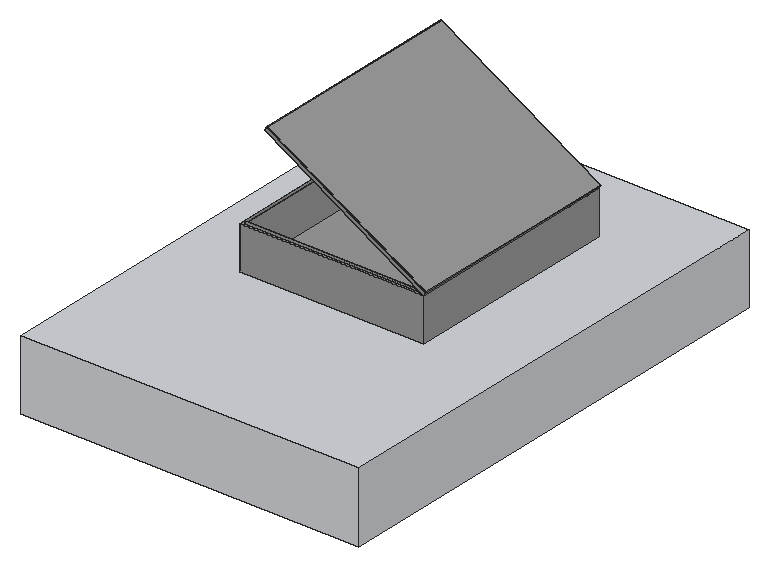
Revit family "Hager-Univers-IP44-D205-H950-Cl.II-Encl-ES-es", category Equipement électrique, Revit 2020
Family settings
  Hôte = Face
  Configuration du panneau = Deux colonnes, circuits au sein
  Cote de connecteur circulaire = Utiliser le diamètre
  Type d'élément = Tableau de raccordement
  Couper avec des vides une fois chargée = Non
  Partagée = Non
  Point de calcul de pièce = Non
Parameters (values of type "Montado superficial (escayola) IP44 A800 A950 P205  - FP63SN2")
  Width Control [instance] = if([EF000008 - Anchura] > Min Width, [EF000008 - Anchura], Min Width)  # 800 mm
  Commentaires du type = [HG000003 - Gama]  # "Univers"
  Thickness Door [instance] = if([EF009171 - Espesor puerta/tapa] > 3 mm, 3 mm, [EF009171 - Espesor puerta/tapa])  # 1 mm
  Seal Frame Offset [instance] = 17 mm  # constant formula
  Plinth Visibility [instance] = [HG000027 - Altura de zócalo] > 0 mm  # no
  Model = ""
  Min Width [instance] = 100 mm  # constant formula
  Min Height [instance] = 100 mm  # constant formula
  Min Depth [instance] = (2 * [EF009170 - Espesor del material de la caja]) + 1 mm  # 3 mm
  Internal Frame Depth [instance] = (Door System Depth * 0.5)  # 9 mm
  Height Control [instance] = if([EF000040 - Altura] > Min Height, [EF000040 - Altura], Min Height)  # 950 mm
  HG000027 - Altura de zócalo = 0 mm
  HG000026 - Instalación en suelo = no
  HG000024 - Altura de la sección inferior = 800 mm
  HG000023 - Caja de doble sección = no
  HG000016 - Visibilidad de la puerta 3D [instance] = yes
  HG000015 - Visibilidad a través de la puerta [instance] = no
  HG000014 - Puerta a la derecha [instance] = yes
  HG000013 - Puerta a la izquierda [instance] = not([HG000014 - Puerta a la derecha])  # no
  HG000012 - Ángulo de giro de la puerta [instance] = 30.00°
  HG000010 - Puertas asimétricas = no
  HG000009 - Puerta batiente doble = no
  HG000006 - Empotrado = no
  HG000004 - Referencia del fabricante = "FP63SN2"
  HG000003 - Gama = "Univers"
  HG000002 - Con puerta o tapa = yes
  Frame Offset Bottom [instance] = 10 mm  # constant formula
  Frame Offset [instance] = 15 mm  # constant formula
  EF015940 - Tapa con alivio de sobrepresión = no
  EF011959 - Grado de protección (NEMA) = ""
  EF009554 - Número de aberturas para placas-brida = 6
  Fabricant = "Hager"  # constant formula
  EF009212 - Versión de la cubierta = "EV000116 - Cerrado"
  EF009171 - Espesor puerta/tapa = 1 mm
  EF009170 - Espesor del material de la caja = 1 mm
  EF008873 - Corriente nominal (In) = 250 A
  EF007800 - Adecuado para la protección contra rayos = no
  EF006306 - Con cierre = no
  EF006244 - Tapa/puerta transparente = no
  EF005474 - Grado de protección (IP) = "EV006418 - IP44"
  EF004464 - Tipo de puerta = "EV002646 - Único"
  EF004427 - Número de módulos = 216
  EF004293 - Resistencia al impacto (IK) = "EV006815 - IK09"
  EF003532 - Adecuado para uso en exteriores = no
  EF002950 - Anchura de unidades de división = 36
  EF001613 - Integridad del circuito = "EV000494 - Ninguno"
  EF001596 - Material de la carcasa = "EV000179 - Acero"
  EF001131 - Profundidad interna = 130 mm
  EF001088 - Posibilidad de extensión = yes
  EF000437 - Número de entradas de conductos de cables = 6
  EF000339 - Tipo de cubierta = "EV004216 - Puerta"
  EF000266 - Número de filas = 6
  EF000218 - Profundidad de instalación = 205 mm
  EF000118 - Con placa de montaje = no
  EF000116 - Número RAL = "9010"
  EF000049 - Profundidad = 205 mm
  EF000040 - Altura = 950 mm
  EF000008 - Anchura = 800 mm
  EF000007 - Color = "EV000202 - Blanco"
  EF000003 - Tipo de montaje = "EV000384 - Montado superficial (escayola)"
  Door System Leaf Tolerance [instance] = 1.5 mm  # constant formula
  Door System Depth [instance] = 18 mm  # constant formula
  Door Height [instance] = Height Control - [HG000027 - Altura de zócalo]  # 950 mm
  Depth Control [instance] = if([EF000049 - Profundidad] > Min Depth, [EF000049 - Profundidad], Min Depth)  # 205 mm
  Default Elevation = 0 mm
  Connector Offset [instance] = Height Control / 2  # 475 mm
  Bottom Top Plate Trim [instance] = 1.5 mm  # constant formula
  Plinth height Ctrl [instance] = if([HG000027 - Altura de zócalo] > 0 mm, [HG000027 - Altura de zócalo], 12 mm)  # 12 mm
Types (5, lengths in mm): name | Width Control | HG000010 - Puertas asimétricas | HG000009 - Puerta batiente doble | HG000004 - Referencia del fabricante | EF009554 - Número de aberturas para placas-brida | EF004464 - Tipo de puerta | EF004427 - Número de módulos | EF002950 - Anchura de unidades de división | EF001131 - Profundidad interna | EF000437 - Número de entradas de conductos de cables | EF000339 - Tipo de cubierta | EF000008 - Anchura
  Montado superficial (escayola) IP44 A1050 A950 P205  - FP64SN2 | 1050 | no | yes | "FP64SN2" | 8 | "EV003602 - Doble" | 288 | 48 | 130 | 8 | "EV004216 - Puerta" | 1050
  Montado superficial (escayola) IP44 A1300 A950 P205  - FP65SN2 | 1300 | yes | yes | "FP65SN2" | 10 | "EV003602 - Doble" | 360 | 60 | 130 | 10 | "EV004216 - Puerta" | 1300
  Montado superficial (escayola) IP44 A300 A950 P205  - FP61SN2 | 300 | no | no | "FP61SN2" | 2 | "EV002646 - Único" | 72 | 12 | 143 | 2 | "EV001012 - Cubrir" | 300
  Montado superficial (escayola) IP44 A550 A950 P205  - FP62SN2 | 550 | no | no | "FP62SN2" | 4 | "EV002646 - Único" | 144 | 24 | 143 | 4 | "EV001012 - Cubrir" | 550
  Montado superficial (escayola) IP44 A800 A950 P205  - FP63SN2 | 800 | no | no | "FP63SN2" | 6 | "EV002646 - Único" | 216 | 36 | 130 | 6 | "EV004216 - Puerta" | 800
Reference planes
  plane 1 "Center (Front/Back)": y = 0
  plane 2: z = 0
  plane 3 "Center (Left/Right)": x = 0
  plane 4: z = 205
  plane 5: y = 1
  plane 6: y = 475
  plane 7: y = 0
  plane 8: y = 950
  plane 9: z = 0
  plane 10: x = -385
  plane 11: x = 385
  plane 12: x = 384
  plane 13: x = -384
  plane 14: y = 949
  plane 15: x = -383
  plane 16: x = -400
  plane 17: x = 383
  plane 18: x = 400
  plane 19: x = 399
  plane 20: x = -399
  plane 21: y = 11
  plane 22: y = 950
  plane 23: y = 934
  plane 24: z = 187
  plane 25: z = 1
  plane 26: z = 186
  plane 27: z = 204
Forms (mm)
  Extrusion 1, solid
    sketch origin (0, 0, 0) x (1, 0, 0) y (0, 1, 0)
      loop
        line (-702.964, 1305) -> (-702.964, -811.445) -> (766.763, -811.445) -> (766.763, 1305) -> (-702.964, 1305)
    from 0 to -304.8
  Extrusion 2, solid, material "Hager_Steel_RAL7035_Light_Grey", visible <- "Plinth Visibility", detail levels medium+fine
    sketch origin (0, 0, 0) x (1, 0, 0) y (0, 1, 0)
      loop
        line (-400, 0) -> (400, 0) -> (400, 12) -> (-400, 12) -> (-400, 0)
    from 0 to 187
  Extrusion 3, solid, material "Hager_Steel_RAL7035_Light_Grey", detail levels medium+fine
    sketch origin (0, 0, 0) x (1, 0, 0) y (0, 1, 0)
      loop
        line (-400, 0) -> (400, 0) -> (400, 950) -> (-400, 950) -> (-400, 0)
    from 0 to 187
  Extrusion 4, void
    sketch origin (0, 0, 0) x (1, 0, 0) y (0, 1, 0)
      loop
        line (-399, 1) -> (399, 1) -> (399, 949) -> (-399, 949) -> (-399, 1)
    from 1 to 186
  Extrusion 5, void
    sketch origin (-381.607, -4572, 187) x (0, -1, 0) y (-1, 0, 0)
      loop
        line (-4583, 2.393) -> (-5506, 2.393) -> (-5506, -765.607) -> (-4583, -765.607) -> (-4583, 2.393)
    from 0 to 1 <- "EF009170 - Espesor del material de la caja"
  Extrusion 6, solid, material "Hager_Steel_RAL7035_Light_Grey", detail levels fine
    sketch origin (0, 0, 187) x (1, 0, 0) y (0, 1, 0)
      loop
        line (-384, 934) -> (-384, 11) -> (384, 11) -> (384, 934) -> (-384, 934)
      loop
        line (-385, 10) -> (385, 10) -> (385, 935) -> (-385, 935) -> (-385, 10)
    from 0 to 9 <- "Internal Frame Depth"
  Extrusion 7, solid, material "Hager_Steel_RAL7035_Light_Grey", detail levels coarse
    sketch origin (0, 0, 0) x (1, 0, 0) y (0, 1, 0)
      loop
        line (-400, 0) -> (400, 0) -> (400, 950) -> (-400, 950) -> (-400, 0)
    from 0 to 205
  Sweep 8, void
    path in 3D
      loop
        line (-400, 12, 0) -> (400, 12, 0) -> (400, 12, 187) -> (-400, 12, 187) -> (-400, 12, 0)
    profile origin (-400, 12, 93.5) x (-1, 0, 0) y (0, -1, 0)
      loop
        line (0, 0) -> (0, 1.5) -> (-1.5, 1.5)
        arc (-1.5, 1.5) -> (-1.061, 0.439) -> (0, 0) r 1.5
Cuts and joins
  Extrusion 4, Extrusion 5 cuts Extrusion 3
  Sweep 8 cuts Extrusion 2
Lines and regions (mm)
  Masking region 1
    outline origin (0, 0, 0) x (1, 0, 0) y (0, 0, 1)
      loop
        line (-400, 205) -> (-400, 0) -> (400, 0) -> (400, 205) -> (-400, 205)
  Masking region 2, detail levels medium+fine
    outline origin (0, 140, 0) x (0, 1, 0) y (0, 0, 1)
      loop
        line (-140, 0) -> (810, 0) -> (810, 187) -> (-140, 187) -> (-140, 0)
  Masking region 3, not visible, detail levels medium+fine
    outline origin (0, 297.922, 0) x (0, 1, 0) y (0, 0, 1)
      loop
        line (188.578, 0) -> (228.578, 0) -> (228.578, 194)
        arc (228.578, 194) -> (225.649, 201.071) -> (218.578, 204) r 10
        line (218.578, 204) -> (188.578, 204) -> (188.578, 0)
  Masking region 4, detail levels coarse
    outline origin (0, 0, 180) x (0, 1, 0) y (0, 0, 1)
      loop
        line (0, -180) -> (950, -180) -> (950, 25) -> (0, 25) -> (0, -180)
  Masking region 5, visible <- "Plinth Visibility", detail levels medium+fine
    outline origin (0, 52.24, 12.345) x (0, 0, -1) y (0, 1, 0)
      loop
        line (10.845, -40.24) -> (-173.155, -40.24)
        arc (-173.155, -40.24) -> (-173.594, -41.301) -> (-174.655, -41.74) r 1.5
        line (-174.655, -41.74) -> (-174.655, -52.24) -> (12.345, -52.24) -> (12.345, -41.74)
        arc (12.345, -41.74) -> (11.285, -41.301) -> (10.845, -40.24) r 1.5
  Masking region 6, detail levels medium+fine
    outline origin (-381.607, -4572, 187) x (-1, 0, 0) y (0, -1, 0)
      loop
        line (18.393, -5522) -> (18.393, -4572) -> (-781.607, -4572) -> (-781.607, -5522) -> (18.393, -5522)
  Masking region 7, visible <- "Plinth Visibility", detail levels medium+fine
    outline origin (-381.607, -4727, 187) x (-1, 0, 0) y (0, -1, 0)
      loop
        arc (16.893, -4739) -> (17.332, -4737.939) -> (18.393, -4737.5) r 1.5
        line (18.393, -4737.5) -> (18.393, -4727) -> (-781.607, -4727) -> (-781.607, -4737.5)
        arc (-781.607, -4737.5) -> (-780.546, -4737.939) -> (-780.107, -4739) r 1.5
        line (-780.107, -4739) -> (16.893, -4739)
  Masking region 8, detail levels coarse
    outline origin (-442.548, -4669.526, 187) x (-1, 0, 0) y (0, -1, 0)
      loop
        line (-42.548, -5619.526) -> (-42.548, -4669.526) -> (-842.548, -4669.526) -> (-842.548, -5619.526) -> (-42.548, -5619.526)
  sketch lines
    curve 1: line (-400, 12, 187) -> (-400, 12, 0)
    curve 2: line (400, 12, 187) -> (-400, 12, 187)
    curve 3: line (400, 12, 187) -> (400, 12, 0)
    curve 4: line (-400, 12, 0) -> (400, 12, 0)
Dimensions and locks
  "Depth Control": plane 4 to Extrusion 1
  "HG000027 - Altura de zócalo": plane 1 "Center (Front/Back)" to plane 7
  "EF009170 - Espesor del material de la caja": plane 5 to plane 7
  locked: connector elem to plane 3 "Center (Left/Right)"
  equal spacing: plane 8, plane 6, plane 7
  locked: connector elem to plane 6
  "EF009170 - Espesor del material de la caja": plane 8 to plane 14
  "EF009170 - Espesor del material de la caja": plane 10 to plane 13
  "EF009170 - Espesor del material de la caja": plane 12 to plane 11
  "Frame Offset": plane 20 to plane 13
  "Frame Offset": plane 12 to plane 19
  "EF009170 - Espesor del material de la caja": plane 16 to plane 20
  "EF009170 - Espesor del material de la caja": plane 19 to plane 18
  "Seal Frame Offset": plane 16 to plane 15
  "Seal Frame Offset": plane 17 to plane 18
  "Frame Offset Bottom": plane 21 to plane 5
  "Frame Offset": plane 14 to plane 23
  equal spacing: plane 16, plane 3 "Center (Left/Right)", plane 18
  "Width Control": plane 16 to plane 18
  "EF009170 - Espesor del material de la caja": plane 4 to plane 27
  "EF009170 - Espesor del material de la caja": plane 24 to plane 26
  "EF009170 - Espesor del material de la caja": plane 25 to level
  "Door System Depth": plane 4 to plane 24
  "Height Control": plane 1 "Center (Front/Back)" to Extrusion 7 sketch curve
  "Height Control": Masking region 4 sketch curve to plane 1 "Center (Front/Back)"
  "Height Control": plane 1 "Center (Front/Back)" to plane 22
  "Bottom Top Plate Trim": profile plane to Sweep 8 sketch curve
  "Bottom Top Plate Trim": Sweep 8 sketch curve to profile plane
  "Plinth height Ctrl": plane 1 "Center (Front/Back)" to Extrusion 2 sketch curve
  "Plinth height Ctrl": Masking region 5 sketch curve to plane 1 "Center (Front/Back)"
  "Plinth height Ctrl": plane 1 "Center (Front/Back)" to Masking region 7 sketch curve
  "Thickness Door": Extrusion 6 sketch curve to Extrusion 6 sketch curve  (x3)
  "Thickness Door": cut or joined group of Extrusion 3, Extrusion 4, Extrusion 5 to Extrusion 6 sketch curve
  radius of Masking region 3 sketch curve = 10 mm
  "Bottom Top Plate Trim": radius of Masking region 5 sketch curve  (x2)
  "Bottom Top Plate Trim": radius of Sweep 8 sketch curve
  "Bottom Top Plate Trim": radius of Masking region 7 sketch curve  (x2)
  aligned and locked: plane 2 to Extrusion 1
  aligned and locked: level to Extrusion 1
  aligned and locked: level to Masking region 1 sketch curve
  aligned and locked: Masking region 1 sketch curve to plane 18
  aligned and locked: Masking region 1 sketch curve to plane 16
  aligned and locked: plane 7 to Masking region 2 sketch curve
  aligned and locked: level to Masking region 3 sketch curve
  aligned and locked: Masking region 3 sketch curve to plane 27
  aligned and locked: level to Masking region 2 sketch curve
  aligned and locked: plane 1 "Center (Front/Back)" to Extrusion 2 sketch curve
  aligned and locked: Extrusion 3 sketch curve to plane 7
  aligned and locked: plane 16 to Extrusion 3 sketch curve
  aligned and locked: plane 18 to Extrusion 3 sketch curve
  aligned and locked: plane 20 to Extrusion 4 sketch curve
  aligned and locked: plane 19 to Extrusion 4 sketch curve
  aligned and locked: Extrusion 4 sketch curve to plane 5
  aligned and locked: Extrusion 4 to plane 25
  aligned and locked: plane 26 to Extrusion 4
  aligned and locked: plane 24 to Extrusion 3
  aligned and locked: Extrusion 5 sketch curve to plane 21
  aligned and locked: Extrusion 5 sketch curve to plane 13
  aligned and locked: Extrusion 5 sketch curve to plane 12
  aligned and locked: plane 18 to Extrusion 7 sketch curve
  aligned and locked: plane 1 "Center (Front/Back)" to Extrusion 7 sketch curve
  aligned and locked: plane 16 to Extrusion 7 sketch curve
  aligned and locked: plane 4 to Extrusion 7
  aligned and locked: Extrusion 7 to level
  aligned and locked: level to Masking region 4 sketch curve
  aligned and locked: Masking region 4 sketch curve to plane 1 "Center (Front/Back)"
  aligned and locked: Masking region 4 sketch curve to plane 4
  aligned and locked: nested 1 to level
  aligned and locked: nested 1 to plane 16
  aligned and locked: plane 8 to Extrusion 3 sketch curve
  aligned and locked: plane 23 to Extrusion 5 sketch curve
  aligned and locked: plane 14 to Extrusion 4 sketch curve
  aligned and locked: Masking region 2 sketch curve to plane 8
  aligned and locked: level to Masking region 5 sketch curve
  aligned and locked: plane 16 to Extrusion 2 sketch curve
  aligned and locked: plane 18 to Extrusion 2 sketch curve
  aligned and locked: Masking region 5 sketch curve to plane 24
  aligned and locked: Masking region 2 sketch curve to plane 24
  aligned and locked: plane 24 to Extrusion 2
  aligned and locked: profile plane to Sweep 8 sketch curve  (x2)
  aligned and locked: Masking region 6 sketch curve to plane 18
  aligned and locked: Masking region 6 sketch curve to plane 22
  aligned and locked: Masking region 6 sketch curve to plane 16
  aligned and locked: plane 8 to plane 22
  aligned and locked: Masking region 6 sketch curve to plane 7
  aligned and locked: Masking region 7 sketch curve to plane 16
  aligned and locked: Masking region 7 sketch curve to plane 1 "Center (Front/Back)"
  aligned and locked: Masking region 7 sketch curve to plane 18
  aligned and locked: Masking region 8 sketch curve to plane 1 "Center (Front/Back)"
  aligned and locked: Masking region 8 sketch curve to plane 18
  aligned and locked: Masking region 8 sketch curve to plane 22
  aligned and locked: Masking region 8 sketch curve to plane 16
  aligned and locked: nested 2 to plane 7
  aligned and locked: plane 3 "Center (Left/Right)" to nested 2
  aligned and locked: nested 2 to plane 24
  aligned and locked: Extrusion 6 sketch curve to cut or joined group of Extrusion 3, Extrusion 4, Extrusion 5  (x4)
Automatic sketch dimensions
  Extrusion 1 sketch curve to Extrusion 1 sketch curve = 1469.727 mm
  Extrusion 1 sketch curve to Extrusion 1 sketch curve = 2116.445 mm
  Masking region 1 sketch curve to plane 4 = 0 mm
  plane 6 to Masking region 3 sketch curve = 11.5 mm
  Masking region 3 sketch curve to Masking region 3 sketch curve = 30 mm
  Masking region 5 sketch curve to plane 1 "Center (Front/Back)" = 0 mm
Nested families
  nested 1: "Hager_Enclosure_Symbol" at (-400, 0, 0) x (1, 0, 0) z (0, -1, 0), Height <- "Depth Control", Width <- "Width Control", type "Hager_Enclosure_Symbol"
    with Width_Ctrl 800 mm, Width 800 mm, Height_Ctrl 205 mm, Height 205 mm, A_Width_Int 13.453 mm, A_Width 161.438 mm, A_Height_Ctrl 179.375 mm, A_Height 179.375 mm
  nested 2: "EC000058_Univers_Door" at (0, 0, 187) x (1, 0, 0) z (0, 1, 0), Leaf_Tolerance <- "Door System Leaf Tolerance", Angle <- "HG000012 - Ángulo de giro de la puerta", Door_Depth <- "Door System Depth", Door_Left <- "HG000013 - Puerta a la izquierda", Transparent <- "EF006244 - Tapa/puerta transparente", Assymetrical <- "HG000010 - Puertas asimétricas", Width <- "Width Control", Clearance <- "HG000015 - Visibilidad a través de la puerta", Double <- "HG000009 - Puerta batiente doble", 3d_Door <- "HG000016 - Visibilidad de la puerta 3D", Lock_Visibility <- "EF006306 - Con cierre", Width_Ctrl <- "Width Control", Door_Right <- "HG000014 - Puerta a la derecha", Door <- "HG000002 - Con puerta o tapa", Height <- "Door Height", Thickness <- "Thickness Door", type "EC000058_Univers_Door", detail levels medium+fine
    with min_wh 3 mm, Width_Ctrl 800 mm, Width 800 mm, Transparent no, Thickness 1 mm, Seal_Material Hager_Rubber, Lock_Visibility no, Lock_Material Hager_Plastic_RAL9005_Jet_Black, Leaf_Width 800 mm, Leaf_Tolerance_External_Sides 0 mm, Leaf_Tolerance 1.5 mm, Leaf_Offset 0 mm, Leaf_Height 947 mm, Leaf_2_Width 800 mm, Leaf_2_Offset 400 mm, Leaf_1_Width 800 mm, Leaf_1_Offset 400 mm, Height_Ctrl 950 mm, Height 950 mm, Glass_Material Hager_Glass, Double_Clearance_Ctrl no, Double no, Door_Right_Ctrl yes, Door_Right yes, Door_Material Hager_Steel_RAL7035_Light_Grey, Door_Left_Ctrl no, Door_Left no, Door_Depth 18 mm, Door yes, Clearance_Material Hager_Clearance, Clearance_Depth 800 mm, Clearance_Ctrl no, Clearance no, Assymetrical no, Angle 30.00°, 3d_Door yes
Connectors
  electrical at (0, 475, 0)
    settings: on plane 9, index 1, voltage 0 V, apparent load 0 VA, apparent load phase1 0 VA, apparent load phase2 0 VA, apparent load phase3 0 VA, power factor 1, load classification "Other", number of poles 1, system type 30, power factor state 1, is connector primary yes, connector utility no, sub classification motor no, connector description ""
Definition of nested family "EC000058_Univers_Door"
  Parameters (values of type "EC000058_Univers_Door")
    min_wh [instance] = (2 * Thickness) + 1 mm  # 11 mm
    Width_Ctrl [instance] = 400 mm
    Width [instance] = 500 mm
    Transparent [instance] = yes
    Thickness [instance] = 5 mm
    Seal_Material [instance] = none
    Lock_Visibility [instance] = yes
    Lock_Material [instance] = none
    Leaf_Width [instance] = if((Width_Ctrl - 2 * Leaf_Tolerance_External_Sides) > 0 mm, (Width_Ctrl - 2 * Leaf_Tolerance_External_Sides), min_wh)  # 400 mm
    Leaf_Tolerance_External_Sides [instance] = 0 mm  # constant formula
    Leaf_Tolerance [instance] = 1.5 mm
    Leaf_Offset [instance] = 0 mm  # constant formula
    Leaf_Height [instance] = if((Height_Ctrl - 2 * Leaf_Tolerance) > 0 mm, (Height_Ctrl - 2 * Leaf_Tolerance), min_wh)  # 497 mm
    Leaf_2_Width [instance] = if(and(and(Double, Assymetrical), Door_Left), (Leaf_Width / 3) - (Leaf_Tolerance / 2), if(and(and(Double, Assymetrical), Door_Right), (Leaf_Width / 3) * 2 - (Leaf_Tolerance / 2), if(and(Double, not(Assymetrical)), (Leaf_Width / 2) - Leaf_Tolerance, Leaf_Width)))  # 400 mm
    Leaf_2_Offset [instance] = if(and(Double, Assymetrical), Leaf_2_Width / 2, if(and(Double, not(Assymetrical)), Leaf_Width / 4, Leaf_Width / 2))  # 200 mm
    Leaf_1_Width [instance] = if(and(and(Double, Assymetrical), Door_Right), (Leaf_Width / 3) - (Leaf_Tolerance / 2), if(and(and(Double, Assymetrical), Door_Left), (Width / 3) * 2 - (Leaf_Tolerance / 2), if(and(Double, not(Assymetrical)), (Leaf_Width / 2) - Leaf_Tolerance, Leaf_Width)))  # 400 mm
    Leaf_1_Offset [instance] = if(and(Double, Assymetrical), Leaf_1_Width / 2, if(and(Double, not(Assymetrical)), Leaf_Width / 4, Leaf_Width / 2))  # 200 mm
    Height_Ctrl [instance] = if(Height > min_wh, Height, min_wh)  # 500 mm
    Height [instance] = 500 mm
    Glass_Material [instance] = none
    Double_Clearance_Ctrl [instance] = and(Double, Clearance)  # no
    Double [instance] = no
    Door_Right_Ctrl [instance] = and(or(Door_Right, Double), Door)  # yes
    Door_Right [instance] = yes
    Door_Material [instance] = none
    Door_Left_Ctrl [instance] = and(or(Door_Left, Double), Door)  # no
    Door_Left [instance] = no
    Door_Depth [instance] = 30 mm
    Door [instance] = yes
    Default Elevation = 1219.2 mm
    Clearance_Material [instance] = none
    Clearance_Depth [instance] = if(Leaf_1_Width > Leaf_2_Width, Leaf_1_Width, Leaf_2_Width)  # 400 mm
    Clearance_Ctrl [instance] = and(not(Double), Clearance)  # yes
    Clearance [instance] = yes
    Assymetrical [instance] = yes
    Angle [instance] = 30.00°
    3d_Door [instance] = yes
  Reference planes
    plane 1 "Center (Front/Back)": y = 0
    plane 2 "Bottom": z = 0
    plane 3 "Center (Left/Right)": x = 0
    plane 4: z = 500
    plane 5: x = -200
    plane 6: x = 200
    plane 7: z = 500
    plane 8: x = -200
    plane 9: z = 0
    plane 10: x = 200
    plane 11: y = 0
    plane 12: z = 1.5
    plane 13: x = -600
    plane 14: y = -400
    plane 15: x = 600
    plane 16: x = 0
    plane 17: x = 0
    plane 18: x = -200
    plane 19: x = 200
    plane 20: z = 498.5
  Forms (mm)
    Extrusion 1, solid, material <- "Clearance_Material", visible <- "Double_Clearance_Ctrl"
      sketch origin (1200, 0, 0) x (1, 0, 0) y (0, 0, -1)
        loop
          line (-1800, -498.5) -> (-600, -498.5) -> (-600, 0) -> (-1800, 0) -> (-1800, -498.5)
      from 0 to -400
  Dimensions and locks
    equal spacing: plane 5, plane 3 "Center (Left/Right)", plane 6
    "Width_Ctrl": plane 5 to plane 6
    "Leaf_Offset": plane 5 to plane 8
    "Leaf_Offset": plane 6 to plane 10
    "Leaf_Offset": plane 9 to level
    "Leaf_Offset": plane 4 to plane 7
    "Height_Ctrl": plane 4 to level
    "Leaf_Tolerance": plane 12 to plane 9
    locked: plane 11 to plane 1 "Center (Front/Back)"
    "Leaf_1_Offset": plane 18 to plane 16
    "Leaf_2_Offset": plane 17 to plane 19
    "Leaf_1_Width": plane 13 to plane 8
    "Leaf_2_Width": plane 10 to plane 15
    "Clearance_Depth": plane 14 to plane 1 "Center (Front/Back)"
    "Leaf_Tolerance_External_Sides": plane 8 to plane 18
    "Leaf_Tolerance_External_Sides": plane 19 to plane 10
    "Leaf_Tolerance": plane 7 to plane 20
    aligned and locked: level to plane 2 "Bottom"
    aligned and locked: nested 1 to plane 16
    aligned and locked: nested 2 to plane 17
    aligned and locked: Extrusion 1 to plane 13
    aligned and locked: plane 15 to Extrusion 1
    aligned and locked: Extrusion 1 to plane 14
    aligned and locked: plane 12 to nested 1
    aligned and locked: nested 2 to plane 12
    aligned and locked: Extrusion 1 to plane 11
    aligned and locked: plane 20 to Extrusion 1
    aligned and locked: nested 2 to plane 11
    aligned and locked: nested 1 to plane 11
  Automatic sketch dimensions
    Extrusion 1 sketch curve to level = 0 mm
    plane 5 to Extrusion 1 sketch curve = 400 mm
    plane 6 to Extrusion 1 sketch curve = 400 mm
    Extrusion 1 sketch curve to plane 4 = 1.5 mm
  Nested families
    nested 1: "EC000058_Univers_Door_Leaf" at (0, 0, 1.5), Width <- "Leaf_1_Width", visible <- "Door_Left_Ctrl", Leaf_Height <- "Leaf_Height", Angle <- "Angle", 3d_Door <- "3d_Door", Transparent <- "Transparent", Clearance Material <- "Clearance_Material", Clearance <- "Clearance_Ctrl", Door_Material <- "Door_Material", Glass_Material <- "Glass_Material", Door_Depth <- "Door_Depth", Lock_Material <- "Lock_Material", Seal_Material <- "Seal_Material", Lock_Visibility <- "Lock_Visibility", Thickness <- "Thickness", type "EC000058_Univers_Door_Leaf"
      with Width 400 mm, Transparent_Glass_Offset 30 mm, Transparent_Ctrl yes, Transparent yes, Thickness 5 mm, Standard no, Seal_Material none, Seal_D2 8 mm, Seal_D1 1 mm, Offset_Internal_Frame 10 mm, Lock_Width 20 mm, Lock_Visibility_3d yes, Lock_Visibility yes, Lock_Thickness_3 3 mm, Lock_Thickness_2 1 mm, Lock_Thickness_1 3 mm, Lock_Radius_Offset_2 16 mm, Lock_Radius_Offset_1 15 mm, Lock_Radius_2 5 mm, Lock_Radius 6 mm, Lock_Offset 5 mm, Lock_Material none, Lock_Height 80 mm, Lock_Cover_Top_Offset_2d 17 mm, Lock_Cover_Height -65 mm, Leaf_Height 497 mm, Internal_Seal_Thickness 8 mm, Internal_Seal_Depth_2 4.5 mm, Internal_Frame_Depth 25 mm, Glass_Thickness -1 mm, Glass_Offset -2 mm, Glass_Material none, Door_Material none, Door_Depth 30 mm, Clearance Material none, Clearance yes, Angle_Ctrl 30.00°, Angle 30.00°, 3d_Door yes
    nested 2: "EC000058_Univers_Door_Leaf" at (0, 0, 1.5) x (-1, 0, 0) z (0, 0, 1), Width <- "Leaf_2_Width", visible <- "Door_Right_Ctrl", Leaf_Height <- "Leaf_Height", Angle <- "Angle", 3d_Door <- "3d_Door", Transparent <- "Transparent", Clearance Material <- "Clearance_Material", Clearance <- "Clearance_Ctrl", Door_Material <- "Door_Material", Glass_Material <- "Glass_Material", Door_Depth <- "Door_Depth", Lock_Material <- "Lock_Material", Seal_Material <- "Seal_Material", Lock_Visibility <- "Lock_Visibility", Thickness <- "Thickness", type "EC000058_Univers_Door_Leaf"
      with Width 400 mm, Transparent_Glass_Offset 30 mm, Transparent_Ctrl yes, Transparent yes, Thickness 5 mm, Standard no, Seal_Material none, Seal_D2 8 mm, Seal_D1 1 mm, Offset_Internal_Frame 10 mm, Lock_Width 20 mm, Lock_Visibility_3d yes, Lock_Visibility yes, Lock_Thickness_3 3 mm, Lock_Thickness_2 1 mm, Lock_Thickness_1 3 mm, Lock_Radius_Offset_2 16 mm, Lock_Radius_Offset_1 15 mm, Lock_Radius_2 5 mm, Lock_Radius 6 mm, Lock_Offset 5 mm, Lock_Material none, Lock_Height 80 mm, Lock_Cover_Top_Offset_2d 17 mm, Lock_Cover_Height -65 mm, Leaf_Height 497 mm, Internal_Seal_Thickness 8 mm, Internal_Seal_Depth_2 4.5 mm, Internal_Frame_Depth 25 mm, Glass_Thickness -1 mm, Glass_Offset -2 mm, Glass_Material none, Door_Material none, Door_Depth 30 mm, Clearance Material none, Clearance yes, Angle_Ctrl 30.00°, Angle 30.00°, 3d_Door yes
  Definition of nested family "EC000058_Univers_Door_Leaf"
    Parameters (values of type "EC000058_Univers_Door_Leaf")
      Width [instance] = 2000 mm
      Transparent_Glass_Offset [instance] = 30 mm
      Transparent_Ctrl [instance] = and(Transparent, [3d_Door])  # yes
      Transparent [instance] = yes
      Thickness [instance] = 5 mm
      Standard [instance] = and(not(Transparent), [3d_Door])  # no
      Seal_Material [instance] = none
      Seal_D2 [instance] = 8 mm  # constant formula
      Seal_D1 [instance] = 1 mm  # constant formula
      Offset_Internal_Frame [instance] = 10 mm  # constant formula
      Lock_Width [instance] = 20 mm  # constant formula
      Lock_Visibility_3d [instance] = and(Lock_Visibility, [3d_Door])  # yes
      Lock_Visibility [instance] = yes
      Lock_Thickness_3 [instance] = 3 mm  # constant formula
      Lock_Thickness_2 [instance] = 1 mm  # constant formula
      Lock_Thickness_1 [instance] = 3 mm  # constant formula
      Lock_Radius_Offset_2 [instance] = Lock_Radius_Offset_1 + 1 mm  # 16 mm
      Lock_Radius_Offset_1 [instance] = 15 mm  # constant formula
      Lock_Radius_2 [instance] = Lock_Radius - 1 mm  # 5 mm
      Lock_Radius [instance] = 6 mm  # constant formula
      Lock_Offset [instance] = 5 mm  # constant formula
      Lock_Material [instance] = none
      Lock_Height [instance] = 80 mm  # constant formula
      Lock_Cover_Top_Offset_2d [instance] = Lock_Radius_Offset_2 + 1 mm  # 17 mm
      Lock_Cover_Height [instance] = -(Lock_Height - Lock_Radius_Offset_1)  # -65 mm
      Leaf_Height [instance] = 2720.336 mm
      Internal_Seal_Thickness [instance] = 8 mm  # constant formula
      Internal_Seal_Depth_2 [instance] = 4.5 mm  # constant formula
      Internal_Frame_Depth [instance] = if(Door_Depth - Thickness > 5 mm, Door_Depth - Thickness, 5 mm)  # 25 mm
      Glass_Thickness [instance] = if(Thickness > 15 mm, Glass_Offset + 10 mm, -1 mm)  # -1 mm
      Glass_Offset [instance] = if(Thickness > 15 mm, -(Thickness + 10 mm) / 2, -2 mm)  # -2 mm
      Glass_Material [instance] = none
      Door_Material [instance] = none
      Door_Depth [instance] = 30 mm
      Default Elevation = 0 mm
      Clearance Material [instance] = none
      Clearance [instance] = yes
      Angle_Ctrl [instance] = if(Angle > 180.00°, 180.00°, Angle)  # 90.00°
      Angle [instance] = 90.00°
      3d_Door [instance] = yes
    Reference planes
      plane 1 "Center (Front/Back)": y = 0
      plane 2: z = 0
      plane 3 "Center (Left/Right)": x = 0
      plane 4: y = 2000
      plane 5: x = -1000
      plane 6: x = 1000
      plane 7: x = -3000
      plane 8: z = 2720.336
      plane 9: z = 30
      plane 10: z = 2690.336
      plane 11: x = 970
      plane 12: x = -970
      plane 13: y = -3
      plane 14: z = 107.833
      plane 15: y = -5
      plane 16: y = -223.314
      plane 17: x = -1000
      plane 18: z = 1360.168
      plane 19: y = 30
    Forms (mm)
      Extrusion 1, solid, material <- "Clearance Material", visible <- "Clearance"
        sketch origin (0, 0, 0) x (1, 0, 0) y (0, 0, 1)
          loop
            line (-3000, 2720.336) -> (-3000, 0) -> (1000, 0) -> (1000, 2720.336) -> (-3000, 2720.336)
        from 0 to -2000
      Extrusion 2, solid, material <- "Door_Material", visible <- "Standard", detail levels medium+fine
        sketch origin (-1000, 0, 0) x (0, 1, 0) y (-1, 0, 0)
          loop
            line (0, 30) -> (0, 25) -> (2000, 25) -> (2000, 30) -> (0, 30)
        from 0 to 2720.336 <- "Leaf_Height"
      Extrusion 3, solid, material <- "Door_Material", visible <- "Transparent_Ctrl", detail levels medium+fine
        sketch origin (-1000, 0, 0) x (0, 1, 0) y (-1, 0, 0)
          loop
            line (0, 25) -> (2000, 25) -> (2000, 30) -> (0, 30) -> (0, 25)
        from 0 to 2720.336 <- "Leaf_Height"
      Extrusion 4, void
        sketch origin (-1025, 2000, 0) x (0, 1, 0) y (0, 0, -1)
          loop
            line (-30, -2690.336) -> (-30, -30) -> (-1970, -30) -> (-1970, -2690.336) -> (-30, -2690.336)
        from 0 to 5 <- "Thickness"
      Sweep 5, solid, material <- "Seal_Material", visible <- "Transparent_Ctrl", detail levels fine
        path in 3D
          loop
            line (-1025, 30, 30) -> (-1025, 30, 2690.336) -> (-1025, 1970, 2690.336) -> (-1025, 1970, 30) -> (-1025, 30, 30)
        profile origin (-1025, 1000, 30) x (1, 0, 0) y (0, 0, 1)
          loop
            line (0, 0) -> (0, -8) -> (1, -8) -> (1, 0) -> (0, 0)
      Extrusion 6, solid, material <- "Glass_Material", visible <- "Transparent_Ctrl", detail levels medium+fine
        sketch origin (-1030, 0, 0) x (0, 1, 0) y (0, 0, -1)
          loop
            line (1970, -2690.336) -> (1970, -30) -> (30, -30) -> (30, -2690.336) -> (1970, -2690.336)
        from -2 <- "Glass_Offset" to -1 <- "Glass_Thickness"
      Extrusion 7, solid, material <- "Door_Material", visible <- "3d_Door", detail levels medium+fine
        sketch origin (-1025, 2000, 0) x (0, -1, 0) y (0, 0, -1)
          loop
            line (0, -2720.336) -> (2000, -2720.336) -> (2000, 0) -> (0, 0) -> (0, -2720.336)
          loop
            line (1995, -5) -> (5, -5) -> (5, -2715.336) -> (1995, -2715.336) -> (1995, -5)
        from 0 to 25 <- "Internal_Frame_Depth"
      Sweep 8, solid, material <- "Seal_Material", visible <- "Transparent_Ctrl", detail levels fine
        path in 3D
          loop
            line (-1025, 0, 0) -> (-1025, 2000, 0) -> (-1025, 2000, 2720.336) -> (-1025, 0, 2720.336) -> (-1025, 0, 0)
        profile origin (-1025, 0, 1360.168) x (1, 0, 0) y (0, 1, 0)
          loop
            line (0, 10) -> (2.975, 10)
            arc (2.975, 10) -> (4.053, 10.447) -> (4.5, 11.525) r 1.525
            line (4.5, 11.525) -> (4.5, 16.527)
            arc (4.5, 16.527) -> (4.069, 17.569) -> (3.027, 18) r 1.473
            line (3.027, 18) -> (0, 18) -> (0, 10)
      Extrusion 9, solid, material <- "Lock_Material", visible <- "Lock_Visibility_3d", detail levels fine
        sketch origin (-1030, 0, 0) x (0, 1, 0) y (0, 0, -1)
          loop
            arc (1993.5, -1400.168) -> (1994.561, -1399.729) -> (1995, -1398.668) r 1.5
            line (1995, -1398.668) -> (1995, -1320.168) -> (1975, -1320.168) -> (1975, -1398.668)
            arc (1975, -1398.668) -> (1975.439, -1399.729) -> (1976.5, -1400.168) r 1.5
            line (1976.5, -1400.168) -> (1993.5, -1400.168)
        from 3 <- "Lock_Thickness_1" to 0
      Blend 10, solid, material <- "Lock_Material", visible <- "Lock_Visibility_3d", detail levels fine
        base sketch origin (-1033, 0, 0) x (0, 1, 0) y (0, 0, -1)
          loop
            line (1975, -1320.168) -> (1975, -1398.668)
            arc (1975, -1398.668) -> (1975.439, -1399.729) -> (1976.5, -1400.168) r 1.5
            line (1976.5, -1400.168) -> (1993.5, -1400.168)
            arc (1993.5, -1400.168) -> (1994.561, -1399.729) -> (1995, -1398.668) r 1.5
            line (1995, -1398.668) -> (1995, -1320.168) -> (1975, -1320.168)
        top sketch origin (-1033, 0, 0) x (0, 1, 0) y (0, 0, -1)
          loop
            line (1976, -1320.168) -> (1976, -1398.668)
            arc (1976, -1398.668) -> (1976.146, -1399.022) -> (1976.5, -1399.168) r 0.5
            line (1976.5, -1399.168) -> (1993.5, -1399.168)
            arc (1993.5, -1399.168) -> (1993.854, -1399.022) -> (1994, -1398.668) r 0.5
            line (1994, -1398.668) -> (1994, -1320.168) -> (1976, -1320.168)
        from 0 to 1 <- "Lock_Thickness_2"
      Blend 11, solid, material <- "Lock_Material", visible <- "Lock_Visibility_3d", detail levels fine
        base sketch origin (-1034, 0, 0) x (0, 1, 0) y (0, 0, -1)
          loop
            line (1978, -1320.168) -> (1978, -1384.168)
            arc (1978, -1384.168) -> (1985, -1391.168) -> (1992, -1384.168) r 7
            line (1992, -1384.168) -> (1992, -1320.168) -> (1978, -1320.168)
        top sketch origin (-1034, 0, 0) x (0, 1, 0) y (0, 0, -1)
          loop
            line (1991, -1320.168) -> (1979, -1320.168) -> (1979, -1383.168)
            arc (1979, -1383.168) -> (1985, -1389.168) -> (1991, -1383.168) r 6
            line (1991, -1383.168) -> (1991, -1320.168)
        from 0 to 3 <- "Lock_Thickness_3"
      Extrusion 12, solid, material <- "Lock_Material", visible <- "Lock_Visibility_3d", detail levels fine
        sketch origin (-1030, 1975, 1320.168) x (1, 0, 0) y (0, -1, 0)
          loop
            line (-7, -19) -> (-7, -1) -> (0, -1) -> (0, 0) -> (-8, 0) -> (-8, -20) -> (0, -20) -> (0, -19) -> (-7, -19)
        from 0 to -65 <- "Lock_Cover_Height"
      Extrusion 13, void
        sketch origin (-1038, 1995, 1320.168) x (-1, 0, 0) y (0, 0, -1)
          loop
            line (-5, -65) -> (0, -65) -> (-5, -60) -> (-5, -65)
        from 0 to 20 <- "Lock_Width"
      Extrusion 14, void
        sketch origin (-1038, 1975, 1320.168) x (0, -1, 0) y (0, 0, -1)
          loop
            circle (-10, -15.995) r 6
          loop
            circle (-10, -15.995) r 5
        from 0 to 2
      Extrusion 15, solid, material <- "Lock_Material", visible <- "Lock_Visibility_3d", detail levels medium
        sketch origin (-1030, 0, 0) x (0, 1, 0) y (0, 0, -1)
          loop
            arc (1993.5, -1400.168) -> (1994.561, -1399.729) -> (1995, -1398.668) r 1.5
            line (1995, -1398.668) -> (1995, -1320.168) -> (1975, -1320.168) -> (1975, -1398.668)
            arc (1975, -1398.668) -> (1975.439, -1399.729) -> (1976.5, -1400.168) r 1.5
            line (1976.5, -1400.168) -> (1993.5, -1400.168)
        from 8 to 0
    Cuts and joins
      Extrusion 4 cuts Extrusion 3
      Extrusion 13, Extrusion 14 cuts Extrusion 9
      Extrusion 14 cuts Blend 11
      Extrusion 13, Extrusion 14 cuts Extrusion 12
      joined: Extrusion 9, Blend 10, Blend 11, Extrusion 12
      Extrusion 14 cuts Extrusion 15
    Lines and regions (mm)
      Masking region 1, visible <- "Lock_Visibility", detail levels fine
        outline origin (0, 0, 0) x (0, 1, 0) y (0, 0, 1)
          loop
            line (30, 1320.168) -> (33, 1320.168) -> (33, 1400.168) -> (30, 1400.168) -> (30, 1320.168)
      Masking region 2, visible <- "Lock_Visibility", detail levels fine
        outline origin (0, 3.143, 0) x (0, 1, 0) y (0, 0, 1)
          loop
            line (29.857, 1354.168) -> (30.857, 1354.168) -> (30.857, 1366.168) -> (29.857, 1366.168) -> (29.857, 1354.168)
      Masking region 3, detail levels medium+fine
        outline origin (0, 0, 0) x (0, 1, 0) y (0, 0, 1)
          loop
            line (0, 0) -> (30, 0) -> (30, 2720.336) -> (0, 2720.336) -> (0, 0)
      Masking region 4, detail levels medium+fine
        outline origin (0, 0, 0) x (1, 0, 0) y (0, 0, 1)
          loop
            line (-1000, 2720.336) -> (-1000, 0) -> (1000, 0) -> (1000, 2720.336) -> (-1000, 2720.336)
      Masking region 5, visible <- "Lock_Visibility", detail levels fine
        outline origin (-47.116, 0, 0) x (1, 0, 0) y (0, 0, 1)
          loop
            arc (1024.616, 1399.168) -> (1023.556, 1398.729) -> (1023.116, 1397.668) r 1.5
            line (1023.116, 1397.668) -> (1023.116, 1320.168) -> (1041.116, 1320.168) -> (1041.116, 1397.668)
            arc (1041.116, 1397.668) -> (1040.677, 1398.729) -> (1039.616, 1399.168) r 1.5
            line (1039.616, 1399.168) -> (1024.616, 1399.168)
      Masking region 6, visible <- "Lock_Visibility", detail levels medium+fine
        outline origin (-25, 0, 0) x (1, 0, 0) y (0, 0, 1)
          loop
            arc (1001.5, 1400.168) -> (1000.439, 1399.729) -> (1000, 1398.668) r 1.5
            line (1000, 1398.668) -> (1000, 1320.168) -> (1020, 1320.168) -> (1020, 1398.668)
            arc (1020, 1398.668) -> (1019.561, 1399.729) -> (1018.5, 1400.168) r 1.5
            line (1018.5, 1400.168) -> (1001.5, 1400.168)
      Masking region 7, visible <- "Lock_Visibility", detail levels fine
        outline origin (-73.735, 0, 0) x (1, 0, 0) y (0, 0, 1)
          loop
            line (1051.735, 1382.168) -> (1065.735, 1382.168) -> (1065.735, 1384.168)
            arc (1065.735, 1384.168) -> (1058.735, 1391.168) -> (1051.735, 1384.168) r 7
            line (1051.735, 1384.168) -> (1051.735, 1382.168)
      Masking region 8, visible <- "Lock_Visibility", detail levels fine
        outline origin (-73.735, 0, 0) x (1, 0, 0) y (0, 0, 1)
          loop
            line (1052.735, 1382.168) -> (1064.735, 1382.168) -> (1064.735, 1383.168)
            arc (1064.735, 1383.168) -> (1058.735, 1389.168) -> (1052.735, 1383.168) r 6
            line (1052.735, 1383.168) -> (1052.735, 1382.168)
      Masking region 9, visible <- "Lock_Visibility", detail levels fine
        outline origin (-25, 0, 0) x (1, 0, 0) y (0, 0, 1)
          loop
            line (1020, 1320.168) -> (1020, 1382.168) -> (1000, 1382.168) -> (1000, 1320.168) -> (1020, 1320.168)
      Masking region 10, detail levels medium+fine
        outline origin (0, 0, 0) x (1, 0, 0) y (0, 0, 1)
          loop
            circle (985, 1335.144) r 6
      Masking region 11, detail levels fine
        outline origin (0, 0, 0) x (1, 0, 0) y (0, 0, 1)
          loop
            circle (985, 1335.144) r 5
      Masking region 12, visible <- "Lock_Visibility", detail levels fine
        outline origin (0, 12.767, 0) x (0, 1, 0) y (0, 0, 1)
          loop
            line (20.233, 1320.168) -> (21.233, 1320.168) -> (21.233, 1399.168) -> (20.233, 1400.168) -> (20.233, 1320.168)
      Masking region 13, visible <- "Lock_Visibility", detail levels fine
        outline origin (0, 13.767, -10) x (0, 1, 0) y (0, 0, 1)
          loop
            line (20.233, 1330.168) -> (23.233, 1330.168) -> (23.233, 1399.168) -> (20.233, 1402.168) -> (20.233, 1330.168)
      Masking region 14, visible <- "Lock_Visibility", detail levels fine
        outline origin (0, 12.767, -10) x (0, 1, 0) y (0, 0, 1)
          loop
            line (20.233, 1330.168) -> (25.233, 1330.168) -> (25.233, 1399.305) -> (20.233, 1394.305) -> (20.233, 1330.168)
      Masking region 15, visible <- "Lock_Visibility", detail levels medium
        outline origin (0, 0, 0) x (0, 1, 0) y (0, 0, 1)
          loop
            line (30, 1320.168) -> (38, 1320.168) -> (38, 1400.168) -> (30, 1400.168) -> (30, 1320.168)
      Masking region 16, visible <- "Lock_Visibility", detail levels fine
        outline origin (-1000, 0, 0) x (0, 1, 0) y (-1, 0, 0)
          loop
            line (1975, 30) -> (1995, 30) -> (1995, 38) -> (1975, 38) -> (1975, 30)
          loop
            line (1979, 37) -> (1976, 37) -> (1976, 34) -> (1978, 34) -> (1979, 37)
          loop
            line (1994, 37) -> (1991, 37) -> (1992, 34) -> (1994, 34) -> (1994, 37)
      Masking region 17, visible <- "Lock_Visibility", detail levels medium
        outline origin (-1000, 0, 0) x (0, 1, 0) y (-1, 0, 0)
          loop
            line (1975, 30) -> (1995, 30) -> (1995, 38) -> (1975, 38) -> (1975, 30)
      symbolic lines
        curve 1: line (1000, 0, 0) -> (-3000, 0, 0)
        curve 2: arc (1000, 0, 0) -> (-1000, 2000, 0) -> (-3000, 0, 0) r 2000
        curve 4: line (-1030, 0, 0) -> (-1030, 2000, 0)
      reference lines
        curve 3: line (-1000, 0, 0) -> (-1000, 2000, 0)
      symbolic lines, detail levels medium+fine
        curve 5: line (-1030, 2000, 0) -> (-1025, 2000, 0)
        curve 7: line (-1025, 0, 0) -> (-1030, 0, 0)
        curve 8: line (-1025, 0, 0) -> (-1000, 0, 0)
        curve 9: line (-1000, 0, 0) -> (-1000, 2000, 0)
        curve 10: line (-1000, 2000, 0) -> (-1025, 2000, 0)
      symbolic lines, detail levels fine
        curve 6: line (-1025, 2000, 0) -> (-1025, 0, 0)
      sketch lines
        curve 11: line (-1025, 0, 2720.336) -> (-1025, 0, 0)
        curve 12: line (-1025, 2000, 0) -> (-1025, 0, 0)
        curve 13: line (-1025, 2000, 2720.336) -> (-1025, 2000, 0)
        curve 14: line (-1025, 0, 2720.336) -> (-1025, 2000, 2720.336)
        curve 15: line (-1025, 1970, 30) -> (-1025, 30, 30)
        curve 16: line (-1025, 30, 30) -> (-1025, 30, 2690.336)
        curve 17: line (-1025, 1970, 2690.336) -> (-1025, 1970, 30)
        curve 18: line (-1025, 30, 2690.336) -> (-1025, 1970, 2690.336)
      symbolic lines, visible <- "Transparent", detail levels medium+fine
        curve 19: line (-970, 0, 2690.336) -> (970, 0, 2690.336)
        curve 20: line (-970, 0, 30) -> (-970, 0, 2690.336)
        curve 21: line (970, 0, 30) -> (-970, 0, 30)
        curve 22: line (970, 0, 2690.336) -> (970, 0, 30)
    Dimensions and locks
      "Width": plane 1 "Center (Front/Back)" to plane 4
      equal spacing: plane 5, plane 3 "Center (Left/Right)", plane 6
      "Width": plane 5 to plane 6
      "Width": plane 7 to plane 5
      "Leaf_Height": plane 8 to level
      "Width": curve 5 to curve 3
      "Width": curve 3 to curve 3
      plane 8 to plane 10 = 30 mm
      plane 9 to level = 30 mm
      plane 12 to plane 5 = 30 mm
      plane 6 to plane 11 = 30 mm
      Extrusion 1 to Extrusion 4 sketch curve = 30 mm
      "Transparent_Glass_Offset": curve 3 to Extrusion 4 sketch curve
      "Transparent_Glass_Offset": Extrusion 4 sketch curve to cut or joined group of Extrusion 3, Extrusion 4  (x2)
      cut or joined group of Extrusion 3, Extrusion 4 to Extrusion 6 sketch curve = 30 mm
      "Transparent_Glass_Offset": cut or joined group of Extrusion 3, Extrusion 4 to Extrusion 4 sketch curve
      "Thickness": curve 6 to curve 4
      "Thickness": Extrusion 7 sketch curve to Extrusion 7 sketch curve  (x4)
      "Door_Depth": curve 4 to curve 3
      "Offset_Internal_Frame": profile plane to Sweep 8 sketch curve
      "Internal_Seal_Thickness": Sweep 8 sketch curve to Sweep 8 sketch curve
      "Internal_Seal_Depth_2": profile plane to Sweep 8 sketch curve
      "Seal_D1": profile plane to Sweep 5 sketch curve
      "Seal_D2": profile plane to Sweep 5 sketch curve
      "Thickness": Extrusion 2 sketch curve to Extrusion 2 sketch curve
      equal spacing: Extrusion 9 sketch curve, plane 18, Extrusion 9 sketch curve  (x2)
      equal spacing: Masking region 1 sketch curve, plane 18, Masking region 1 sketch curve
      "Lock_Height": Masking region 1 sketch curve to Masking region 1 sketch curve
      "Lock_Radius": Masking region 2 sketch curve to plane 18 to Masking region 2 sketch curve
      Masking region 2 sketch curve to Masking region 1 = 1 mm
      "Door_Depth": plane 19 to plane 1 "Center (Front/Back)"
      "Lock_Thickness_1": Masking region 1 sketch curve to plane 19
      "Lock_Width": Extrusion 9 sketch curve to Extrusion 9 sketch curve
      "Lock_Height": Extrusion 9 sketch curve to Extrusion 9 sketch curve
      "Lock_Offset": cut or joined group of Extrusion 3, Extrusion 4 to Extrusion 9 sketch curve
      equal spacing: plane 8, plane 18, level
      "Lock_Radius_Offset_1": Blend 11 sketch curve to Blend 10
      locked: Blend 10 to Blend 11 sketch curve at 2  (x2)
      locked: var sketch to Blend 11 sketch curve at 1  (x2)
      "Lock_Radius_Offset_2": Blend 11 sketch curve to Blend 10
      locked: Extrusion 12 sketch curve to Extrusion 12 sketch curve at 1  (x3)
      Masking region 6 sketch curve to Masking region 6 sketch curve = 80 mm
      "Lock_Height": Masking region 6 sketch curve to Masking region 6 sketch curve
      "Lock_Width": Masking region 6 sketch curve to Masking region 6 sketch curve
      locked: Masking region 6 to Masking region 5 sketch curve at 1  (x3)
      locked: Masking region 5 to Masking region 7 sketch curve at 2  (x2)
      "Lock_Radius_Offset_1": Masking region 5 to Masking region 7 sketch curve
      "Lock_Radius_Offset_2": Masking region 5 to Masking region 8 sketch curve
      locked: Masking region 7 to Masking region 8 sketch curve at 1  (x2)
      "Lock_Cover_Top_Offset_2d": Masking region 5 to Masking region 9 sketch curve
      equal spacing: Masking region 9, Masking region 10 sketch curve, Masking region 9
      equal spacing: Masking region 9, Masking region 11 sketch curve, Masking region 9
      Extrusion 15 sketch curve to Extrusion 15 sketch curve = 80 mm
      "Lock_Width": Extrusion 15 sketch curve to Extrusion 15 sketch curve
      "Lock_Height": Extrusion 15 sketch curve to Extrusion 15 sketch curve
      equal spacing: Extrusion 15 sketch curve, plane 18, Extrusion 15 sketch curve
      "Lock_Thickness_3": Masking region 13 sketch curve to Masking region 13 sketch curve
      "Lock_Height": Masking region 12 sketch curve to Masking region 12 sketch curve
      locked: Masking region 13 sketch curve to Masking region 1 at 8
      locked: Masking region 14 sketch curve to Masking region 13 at 1
      locked: Masking region 14 sketch curve to Masking region 1 at 10.863
      "Lock_Height": Masking region 15 sketch curve to Masking region 15 sketch curve
      "Lock_Offset": Extrusion 15 sketch curve to cut or joined group of Extrusion 3, Extrusion 4
      "Lock_Offset": plane 6 to Masking region 6 sketch curve
      radius of Sweep 8 sketch curve = 1.525 mm
      radius of Sweep 8 sketch curve = 1.473 mm
      radius of Extrusion 9 sketch curve = 1.5 mm  (x2)
      "Lock_Radius": radius of Extrusion 14 sketch curve
      "Lock_Radius_2": radius of Extrusion 14 sketch curve
      "Lock_Radius": radius of Masking region 10 sketch curve
      "Lock_Radius_2": radius of Masking region 11 sketch curve
      radius of Extrusion 15 sketch curve = 1.5 mm  (x2)
      "Angle_Ctrl": angle plane 1 "Center (Front/Back)" to curve 3
      locked: Masking region 12 sketch curve to Masking region 12 sketch curve (angle 45.00°)
      locked: Masking region 13 sketch curve to Masking region 13 sketch curve (angle 45.00°)
      locked: Masking region 14 sketch curve to Masking region 14 sketch curve (angle 45.00°)
      aligned and locked: level to plane 2
      aligned and locked: Extrusion 1 to curve 1
      aligned and locked: plane 6 to Extrusion 1
      aligned and locked: Extrusion 1 to plane 1 "Center (Front/Back)"
      aligned and locked: plane 4 to Extrusion 1
      aligned and locked: plane 8 to Extrusion 1
      aligned and locked: curve 7 to Extrusion 2 sketch curve
      aligned and locked: curve 5 to Extrusion 2 sketch curve
      aligned and locked: curve 7 to Extrusion 3 sketch curve
      aligned and locked: Extrusion 3 sketch curve to curve 4
      aligned and locked: Extrusion 3 sketch curve to curve 6
      aligned and locked: Extrusion 3 sketch curve to curve 5
      aligned and locked: curve 9 to curve 3
      aligned and locked: Extrusion 7 sketch curve to cut or joined group of Extrusion 3, Extrusion 4  (x4)
      aligned and locked: plane 17 to curve 3
      aligned and locked: plane 1 "Center (Front/Back)" to curve 3
      aligned and locked: plane 17 to plane 5
      aligned and locked: Sweep 8 sketch curve to profile plane
      aligned and locked: Sweep 5 sketch curve to profile plane  (x2)
      aligned and locked: Masking region 1 to Masking region 2 sketch curve
      aligned and locked: plane 19 to Masking region 1 sketch curve
      aligned and locked: plane 1 "Center (Front/Back)" to Masking region 3 sketch curve
      aligned and locked: plane 19 to Masking region 3 sketch curve
      aligned and locked: level to Masking region 3 sketch curve
      aligned and locked: Masking region 3 sketch curve to plane 8
      aligned and locked: plane 17 to Masking region 4 sketch curve
      aligned and locked: level to Masking region 4 sketch curve
      aligned and locked: Masking region 4 sketch curve to plane 8
      aligned and locked: plane 12 to curve 20
      aligned and locked: plane 10 to curve 19
      aligned and locked: plane 11 to curve 22
      aligned and locked: curve 21 to plane 9
      aligned and locked: Extrusion 2 sketch curve to cut or joined group of Extrusion 3, Extrusion 4
      aligned and locked: Blend 10 sketch curve to Extrusion 9  (x4)
      aligned and locked: Extrusion 9 to Blend 10 sketch curve
      aligned and locked: Blend 10 to Blend 11 sketch curve
      aligned and locked: Extrusion 12 sketch curve to Blend 11
      aligned and locked: Extrusion 12 sketch curve to Extrusion 9  (x4)
      aligned and locked: Masking region 5 sketch curve to Masking region 6
      aligned and locked: Masking region 9 sketch curve to Masking region 6  (x3)
      aligned and locked: Masking region 12 sketch curve to Masking region 1
      aligned and locked: Masking region 13 sketch curve to Masking region 1
      aligned and locked: Masking region 12 to Masking region 14
      aligned and locked: Masking region 14 sketch curve to Masking region 1
      aligned and locked: Masking region 15 sketch curve to Masking region 14
      aligned and locked: Masking region 13 sketch curve to Masking region 12
      aligned and locked: Masking region 16 sketch curve to cut or joined group of Extrusion 14, Extrusion 15  (x4)
      aligned and locked: Masking region 16 sketch curve to cut or joined group of Extrusion 9, Blend 10, Blend 11, Extrusion 12, Extrusion 13, Extrusion 14  (x6)
      aligned and locked: cut or joined group of Extrusion 9, Blend 10, Blend 11, Extrusion 12, Extrusion 13, Extrusion 14 to Masking region 16 sketch curve
      aligned and locked: Masking region 17 sketch curve to cut or joined group of Extrusion 14, Extrusion 15  (x3)
      aligned and locked: Masking region 17 sketch curve to cut or joined group of Extrusion 9, Blend 10, Blend 11, Extrusion 12, Extrusion 13, Extrusion 14
      aligned and locked: Masking region 9 to Masking region 8 sketch curve
      aligned and locked: Masking region 9 to Masking region 7 sketch curve
    Automatic sketch dimensions
      plane 1 "Center (Front/Back)" to curve 2 = 0 mm
      curve 2 to plane 5 = 0 mm
      Extrusion 1 sketch curve to level = 0 mm
      Extrusion 1 sketch curve to plane 7 = 0 mm
      Extrusion 1 sketch curve to plane 6 = 0 mm
      Extrusion 1 sketch curve to plane 8 = 0 mm
      Extrusion 3 to Extrusion 6 sketch curve = 30 mm  (x4)
      Masking region 4 sketch curve to plane 6 = 0 mm
      Blend 10 sketch curve to Extrusion 9 = 1.5 mm
      Blend 10 sketch curve to Extrusion 9 = 1 mm
      Extrusion 13 sketch curve to Extrusion 12 = 0 mm  (x2)
      Extrusion 12 to Extrusion 13 sketch curve = 3 mm
      Extrusion 13 sketch curve to Extrusion 12 = 5 mm
      Extrusion 14 sketch curve to Extrusion 14 sketch curve = 0 mm  (x2)
      Extrusion 14 sketch curve to Extrusion 12 = 10 mm
      Extrusion 14 sketch curve to Extrusion 12 = 15.995 mm
      Masking region 5 sketch curve to Masking region 5 sketch curve = 1.5 mm  (x2)
      Masking region 10 sketch curve to plane 18 = 25.024 mm
      Masking region 11 sketch curve to plane 18 = 25.024 mm
      plane 19 to Masking region 14 sketch curve = 3 mm
      Masking region 16 sketch curve to Masking region 16 sketch curve = 3 mm
      curve 4 to curve 3 = 0 mm
      Blend 10 to Blend 11 sketch curve = 0 mm
      Masking region 6 sketch curve to Masking region 6 sketch curve = 1.5 mm  (x2)
      Masking region 6 sketch curve to plane 18 = 40 mm
      plane 19 to Masking region 12 sketch curve = 3 mm
      Masking region 12 sketch curve to Masking region 12 sketch curve = 1 mm
      Masking region 15 sketch curve to plane 19 = 0 mm
      Masking region 15 sketch curve to plane 18 = 40 mm
      radius of Blend 10 sketch curve to Extrusion 9 = 1 mm
Definition of nested family "Hager_Enclosure_Symbol"
  Parameters (values of type "Hager_Enclosure_Symbol")
    Width_Ctrl [instance] = if(Width > 1 mm, Width, 1 mm)  # 102.27 mm
    Width [instance] = 102.27 mm
    Height_Ctrl [instance] = if(Height > 1 mm, Height, 1 mm)  # 66.5 mm
    A_Width_Int [instance] = if(A_Width / 12 > 2 mm, A_Width / 12, 2 mm)  # 4.364 mm
    A_Width [instance] = if(A_Height_Ctrl * 0.9 > 2 mm, A_Height_Ctrl * 0.9, 2 mm)  # 52.369 mm
    A_Height_Ctrl [instance] = if(A_Height > 2 mm, A_Height, 2 mm)  # 58.188 mm
    Height [instance] = 66.5 mm
    A_Height [instance] = Height - (Height / 8)  # 58.188 mm
  Reference planes
    plane 1 "Centre (avant/arrière)": y = 0
    plane 2: z = 0
    plane 3 "Centre (gauche/droite)": x = 0
    plane 4: x = 52.369
    plane 5: y = 33.042
    plane 6: y = 41.77
    plane 7: y = 66.5
    plane 8: x = 26.184
    plane 9: y = 37.406
    plane 10: x = 102.27
    plane 11: y = 66.5
    plane 12: y = 8.313
  Lines and regions (mm)
    Filled region 1, type "Solid_Black", in view "Niveau de réf."
      outline origin (0, 0, 0) x (1, 0, 0) y (0, 1, 0)
        loop
          line (52.369, 66.5) -> (33.188, 54.536) -> (45.365, 45.006) -> (52.369, 66.5)
    Filled region 2, type "Solid_Black", in view "Niveau de réf."
      outline origin (0, 0, 0) x (1, 0, 0) y (0, 1, 0)
        loop
          line (0, 0) -> (102.27, 0) -> (102.27, 66.5) -> (0, 0)
    detail lines, in view "Niveau de réf."
      curve 1: line (0, 8.313, 0) -> (26.184, 41.77, 0)
      curve 2: line (26.184, 41.77, 0) -> (26.184, 33.042, 0)
      curve 3: line (26.184, 33.042, 0) -> (52.369, 66.5, 0)
  Dimensions and locks
    "A_Width": plane 3 "Centre (gauche/droite)" to plane 4
    equal spacing: plane 3 "Centre (gauche/droite)", plane 8, plane 4
    equal spacing: plane 6, plane 9, plane 5
    equal spacing: curve 3, Filled region 1 sketch curve, Filled region 1 sketch curve
    "Height_Ctrl": plane 1 "Centre (avant/arrière)" to plane 11
    "A_Height_Ctrl": plane 11 to plane 12
    equal spacing: plane 11, plane 9, plane 12
    "A_Width_Int": plane 6 to plane 9
    "Width_Ctrl": plane 3 "Centre (gauche/droite)" to plane 10
    angle Filled region 1 sketch curve to curve 3 = 20.00°
    angle curve 3 to Filled region 1 sketch curve = 20.00°
    locked: curve 3 to Filled region 1 sketch curve (angle 90.00°)
    aligned and locked: plane 10 to Filled region 2
    aligned and locked: plane 11 to Filled region 2 sketch curve
    aligned and locked: plane 10 to Filled region 2 sketch curve
    aligned and locked: plane 3 "Centre (gauche/droite)" to curve 1
    aligned and locked: plane 12 to curve 1
    aligned and locked: plane 7 to plane 11
  Automatic sketch dimensions
    Filled region 1 sketch curve to plane 4 = 0 mm
    Filled region 1 sketch curve to plane 7 = 0 mm
    plane 1 "Centre (avant/arrière)" to Filled region 2 sketch curve = 0 mm
    Filled region 2 sketch curve to plane 3 "Centre (gauche/droite)" = 0 mm
    curve 2 to plane 6 = 0 mm
    curve 2 to plane 8 = 0 mm
    curve 3 to plane 4 = 0 mm
    curve 2 to plane 5 = 0 mm
    curve 3 to plane 7 = 0 mm
